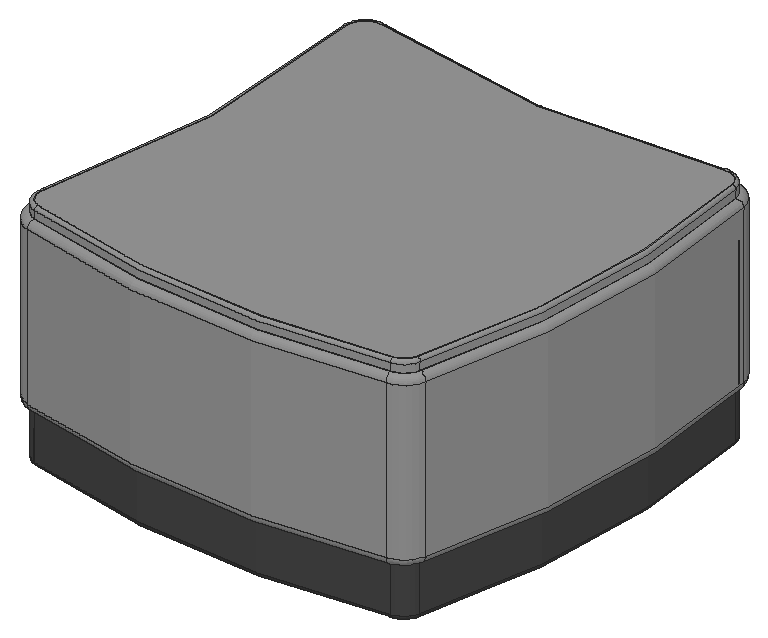
Revit family "16MST Creator Square Bench Lam Top", category Generic Models, Revit 2018
Family settings
  Can host rebar = No
  Round Connector Dimension = Use Diameter
  Part Type = Normal
  Work Plane-Based = No
  Always vertical = Yes
  Cut with Voids When Loaded = No
  Shared = No
  Room Calculation Point = No
Parameters
  Surface = 16MST Surface
  Fabric = 16MST Fabric
  Edgeband = 16MST Edgeband
Reference planes (in)
  plane 1 "Center (Front/Back)": y = 0
  plane 2: z = 0
  plane 3 "Center (Left/Right)": x = 0
Forms (in)
  Extrusion 1, solid, material "16MST Fabric" <- "Fabric"
    sketch origin (0, 0, 0) x (1, 0, 0) y (0, 1, 0)
      loop
        arc (-9.48933, 18.71697) -> (-10.8612, 18.37495) -> (-11.33658, 17.0434) r 1.49712
        arc (-11.33658, 17.0434) -> (-10.79748, 4.99428) -> (-12.76196, -6.90583) r 58.00276
        arc (-12.76196, -6.90583) -> (-12.61873, -8.04353) -> (-11.71255, -8.74617) r 1.49712
        arc (-11.71255, -8.74617) -> (0.89224, -10.70813) -> (13.61768, -9.81758) r 56.99701
        arc (13.61768, -9.81758) -> (14.35188, -9.45468) -> (14.78527, -8.75977) r 1.49712
        arc (14.78527, -8.75977) -> (16.92392, 3.81624) -> (16.21204, 16.55293) r 56.99701
        arc (16.21204, 16.55293) -> (15.60199, 17.52386) -> (14.48391, 17.77837) r 1.49712
        arc (14.48391, 17.77837) -> (2.44823, 16.99462) -> (-9.48933, 18.71697) r 58.00276
    from 4 to 15.75
  Sweep 2, solid, material "16MST Fabric" <- "Fabric"
    path origin (0, 0, 0) x (1, 0, 0) y (0, 1, 0)
      loop
        arc (14.78527, -8.75977) -> (16.92392, 3.81624) -> (16.21204, 16.55293) r 56.99701
        arc (16.21204, 16.55293) -> (15.60199, 17.52386) -> (14.48391, 17.77837) r 1.49712
        arc (14.48391, 17.77837) -> (2.44823, 16.99462) -> (-9.48933, 18.71697) r 58.00276
        arc (-9.48933, 18.71697) -> (-10.8612, 18.37495) -> (-11.33658, 17.0434) r 1.49712
        arc (-11.33658, 17.0434) -> (-10.79748, 4.99428) -> (-12.76196, -6.90583) r 58.00276
        arc (-12.76196, -6.90583) -> (-12.61873, -8.04353) -> (-11.71255, -8.74617) r 1.49712
        arc (-11.71255, -8.74617) -> (0.89224, -10.70813) -> (13.61768, -9.81758) r 56.99701
        arc (13.61768, -9.81758) -> (14.35188, -9.45468) -> (14.78527, -8.75977) r 1.49712
    profile origin (16.92392, 3.81624, 0) x (-0.998415, 0.056277, 0) y (0, 0, 1)
      loop
        line (0, 4) -> (0, 15.75)
        arc (0, 15.75) -> (-0.35355, 15.60355) -> (-0.5, 15.25) r 0.5
        line (-0.5, 15.25) -> (-0.5, 4.5)
        arc (-0.5, 4.5) -> (-0.35355, 4.14645) -> (0, 4) r 0.5
  Extrusion 3, solid, material "16MS Frame"
    sketch origin (0, 0, 0) x (1, 0, 0) y (0, 1, 0)
      loop
        arc (-11.08934, 17.08048) -> (-10.54792, 4.97943) -> (-12.52087, -6.97197) r 58.25276
        arc (-12.52087, -6.97197) -> (-12.40155, -7.91969) -> (-11.64669, -8.505) r 1.24712
        arc (-11.64669, -8.505) -> (0.90281, -10.45835) -> (13.57243, -9.57171) r 56.74701
        arc (13.57243, -9.57171) -> (14.18402, -9.26941) -> (14.54504, -8.69054) r 1.24712
        arc (14.54504, -8.69054) -> (16.67432, 3.83031) -> (15.96556, 16.51113) r 56.74701
        arc (15.96556, 16.51113) -> (15.45738, 17.31993) -> (14.52601, 17.53194) r 1.24712
        arc (14.52601, 17.53194) -> (2.43845, 16.74481) -> (-9.55056, 18.47458) r 58.25276
        arc (-9.55056, 18.47458) -> (-10.69334, 18.18968) -> (-11.08934, 17.08048) r 1.24712
    from 0.5 to 4
  Sweep 4, solid, material "16MS Frame"
    path origin (0, 0, 0) x (1, 0, 0) y (0, 1, 0)
      loop
        arc (14.54504, -8.69054) -> (16.67432, 3.83031) -> (15.96556, 16.51113) r 56.74701
        arc (15.96556, 16.51113) -> (15.45738, 17.31993) -> (14.52601, 17.53194) r 1.24712
        arc (14.52601, 17.53194) -> (2.43845, 16.74481) -> (-9.55056, 18.47458) r 58.25276
        arc (-9.55056, 18.47458) -> (-10.69334, 18.18968) -> (-11.08934, 17.08048) r 1.24712
        arc (-11.08934, 17.08048) -> (-10.54792, 4.97943) -> (-12.52087, -6.97197) r 58.25276
        arc (-12.52087, -6.97197) -> (-12.40155, -7.91969) -> (-11.64669, -8.505) r 1.24712
        arc (-11.64669, -8.505) -> (0.90281, -10.45835) -> (13.57243, -9.57171) r 56.74701
        arc (13.57243, -9.57171) -> (14.18402, -9.26941) -> (14.54504, -8.69054) r 1.24712
    profile origin (16.67432, 3.83031, 0) x (-0.998415, 0.056277, 0) y (0, 0, 1)
      loop
        line (0, 0.5) -> (0, 4) -> (-0.25, 4) -> (-0.25, 0.75)
        arc (-0.25, 0.75) -> (-0.17678, 0.57322) -> (0, 0.5) r 0.25
  Revolve 5, solid, material "16MS Gliders"
    sketch origin (0, -6.94666, 0) x (1, 0, 0) y (0, 0, 1)
      loop
        line (-10.32647, 0.5) -> (-10.70147, 0.5) -> (-10.70147, 0) -> (-10.57647, 0)
        arc (-10.57647, 0) -> (-10.39969, 0.07322) -> (-10.32647, 0.25) r 0.25
        line (-10.32647, 0.25) -> (-10.32647, 0.5)
      axis (-10.70147, 0) -> (-10.70147, 0.5)
    angle from 0 to 360
  Revolve 6, solid, material "16MS Gliders"
    sketch origin (23.65042, -7.90586, 0) x (1, 0, 0) y (0, 0, 1)
      loop
        line (-10.32647, 0.5) -> (-10.70147, 0.5) -> (-10.70147, 0) -> (-10.57647, 0)
        arc (-10.57647, 0) -> (-10.39969, 0.07322) -> (-10.32647, 0.25) r 0.25
        line (-10.32647, 0.25) -> (-10.32647, 0.5)
      axis (-10.70147, 0) -> (-10.70147, 0.5)
    angle from 0 to 360
  Revolve 7, solid, material "16MS Gliders"
    sketch origin (25.02323, 15.72479, 0) x (1, 0, 0) y (0, 0, 1)
      loop
        line (-10.32647, 0.5) -> (-10.70147, 0.5) -> (-10.70147, 0) -> (-10.57647, 0)
        arc (-10.57647, 0) -> (-10.39969, 0.07322) -> (-10.32647, 0.25) r 0.25
        line (-10.32647, 0.25) -> (-10.32647, 0.5)
      axis (-10.70147, 0) -> (-10.70147, 0.5)
    angle from 0 to 360
  Revolve 8, solid, material "16MS Gliders"
    sketch origin (1.44918, 16.59964, 0) x (1, 0, 0) y (0, 0, 1)
      loop
        line (-10.32647, 0.5) -> (-10.70147, 0.5) -> (-10.70147, 0) -> (-10.57647, 0)
        arc (-10.57647, 0) -> (-10.39969, 0.07322) -> (-10.32647, 0.25) r 0.25
        line (-10.32647, 0.25) -> (-10.32647, 0.5)
      axis (-10.70147, 0) -> (-10.70147, 0.5)
    angle from 0 to 360
  Extrusion 9, solid, material "16MST Surface" <- "Surface"
    sketch origin (0, 0, 0) x (1, 0, 0) y (0, 1, 0)
      loop
        arc (-11.08934, 17.08048) -> (-10.54792, 4.97943) -> (-12.52087, -6.97197) r 58.25276
        arc (-12.52087, -6.97197) -> (-12.40155, -7.91969) -> (-11.64669, -8.505) r 1.24712
        arc (-11.64669, -8.505) -> (0.90281, -10.45835) -> (13.57243, -9.57171) r 56.74701
        arc (13.57243, -9.57171) -> (14.18402, -9.26941) -> (14.54504, -8.69054) r 1.24712
        arc (14.54504, -8.69054) -> (16.67432, 3.83031) -> (15.96556, 16.51113) r 56.74701
        arc (15.96556, 16.51113) -> (15.45738, 17.31993) -> (14.52601, 17.53194) r 1.24712
        arc (14.52601, 17.53194) -> (2.43845, 16.74481) -> (-9.55056, 18.47458) r 58.25276
        arc (-9.55056, 18.47458) -> (-10.69334, 18.18968) -> (-11.08934, 17.08048) r 1.24712
    from 15.75 to 16.5
  Sweep 10, solid, material "16MST Edgeband" <- "Edgeband"
    path origin (0, 0, 0) x (1, 0, 0) y (0, 1, 0)
      loop
        arc (14.54504, -8.69054) -> (16.67432, 3.83031) -> (15.96556, 16.51113) r 56.74701
        arc (15.96556, 16.51113) -> (15.45738, 17.31993) -> (14.52601, 17.53194) r 1.24712
        arc (14.52601, 17.53194) -> (2.43845, 16.74481) -> (-9.55056, 18.47458) r 58.25276
        arc (-9.55056, 18.47458) -> (-10.69334, 18.18968) -> (-11.08934, 17.08048) r 1.24712
        arc (-11.08934, 17.08048) -> (-10.54792, 4.97943) -> (-12.52087, -6.97197) r 58.25276
        arc (-12.52087, -6.97197) -> (-12.40155, -7.91969) -> (-11.64669, -8.505) r 1.24712
        arc (-11.64669, -8.505) -> (0.90281, -10.45835) -> (13.57243, -9.57171) r 56.74701
        arc (13.57243, -9.57171) -> (14.18402, -9.26941) -> (14.54504, -8.69054) r 1.24712
    profile origin (16.67432, 3.83031, 0) x (-0.998415, 0.056277, 0) y (0, 0, 1)
      loop
        line (0, 15.75) -> (0, 16.5)
        arc (0, 16.5) -> (-0.17678, 16.42678) -> (-0.25, 16.25) r 0.25
        line (-0.25, 16.25) -> (-0.25, 15.75) -> (0, 15.75)
Dimensions and locks (in)
  aligned and locked: plane 2 to level
